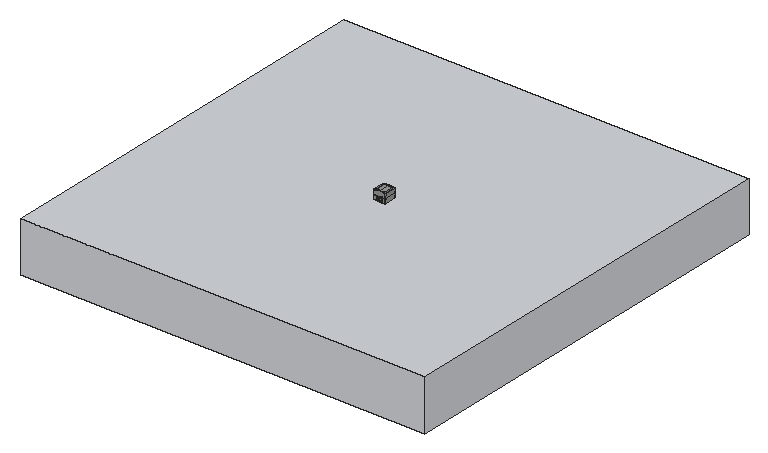
Revit family "Hekatron_Feststellanlagen_HAT 03_DE_22.01", category Brandmelder, Revit 2018
Family settings
  Basisbauteil = Fläche
  Beschriftungsausrichtung beibehalten = Ja
  Bemaßung runder Anschluss = Durchmesser verwenden
  Teiletyp = Normal
  OmniClass-Nummer = 23.85.30.21
  OmniClass-Titel = Environmental Detection/Registration
  Beim Laden mit Abzugskörper schneiden = Nein
  Gemeinsam genutzt = Nein
  Raumberechnungspunkt = Nein
Parameters (values of type "HAT 03")
  Zulässige Umgebungstemperatur = ""
  Zulässige Luftgeschwindigkeit = ""
  Zulassungen nach EN 54 = ""
  Width [instance] = 75 mm
  Version des BIM Objektes = "22.01"
  VdS-Anerkennung = ""
  URL = "https://www.hekatron-brandschutz.de"
  UB A&S Artikel Nummer = "6500142"
  Typenkommentare = "Handauslösetaster für Feuchträume"
  Tiefe (mm) = "65.0"
  Stromaufnahme = ""
  Schutzart = "IP 44"
  Rauchteil einstellbar = ""
  Nettogewicht (g) = ""
  Montageart = "Aufputz"
  Modell = "HAT 03"
  Material = "Polycarbonat"
  Link zum Datenblatt = ""
  Link zu ausschreiben.de = "http://www.ausschreiben.de/katalog/Hekatron/position/93"
  Link zu Produktinformation = "https://www.hekatron-planungstools.de/Produktinfo/HAT_03.PDF"
  Link zu Ausschreibungstext = "https://www.hekatron-planungstools.de/LVTexte/HAT_03.pdf"
  Leistungserklärung (DoP) = ""
  Lautstärke DIN-Ton (dB) = ""
  Kabeleinführung = "oben, unten, hinten"
  Höhe (mm) = "81.0"
  Hersteller = "Hekatron"
  Heigth [instance] = 75 mm
  Funktionsprinzip = ""
  Farbe = "Gehäuse grau ähnlich RAL 7035,\nTaster rot ähnlich RAL 3000"
  Ex-Zonen = ""
  Einstellung Temperaturklasse nach EN 54-5 = ""
  Einstellung Temperaturindex nach EN 54-5 = ""
  Einstellung Rauchempfindlichkeit nach EN 54-20 = ""
  Einstellen Rauchempfindlichkeit nach EN 54-7 = ""
  EG-Konformitätszertifikat / Zertifikat der Leistungsbeständigkeit = ""
  Durchmesser (mm) = ""
  Depth [instance] = 58.767 mm
  Vorgabe-Ansicht = 1200 mm
  Breite (mm) = "49.0"
  Betriebsspannung = ""
  Beschreibung = "Handauslösetaster zur Montage in feuchten Räumen, zum manuellen Auslösen von Feststellvorrichtungen gemäß den DIBt-Richtlinien."
  Bauartgenehmigungen = ""
  Anzahl Ansaugleitungen = ""
  Ansprechtemperatur = ""
  Alarm- & Empfindlichkeitsbereich = ""
Reference planes
  plane 1 "Center (Front/Back)": y = 0
  plane 2: z = 0
  plane 3 "Center (Left/Right)": x = 0
Forms (mm)
  Extrusion 1, solid
    sketch origin (0, 0, 0) x (1, 0, 0) y (0, 1, 0)
      loop
        line (-1219.2, 1219.2) -> (-1219.2, -1219.2) -> (1219.2, -1219.2) -> (1219.2, 1219.2) -> (-1219.2, 1219.2)
    from 0 to -304.8
  Blend 2, solid, material "PC/ABS Plastic, RAL 7035"
    base sketch origin (0, 0, 0) x (1, 0, 0) y (0, 1, 0)
      loop
        line (33.5, 37.5) -> (-33.5, 37.5)
        arc (-33.5, 37.5) -> (-36.328, 36.328) -> (-37.5, 33.5) r 4
        line (-37.5, 33.5) -> (-37.5, -33.5)
        arc (-37.5, -33.5) -> (-36.328, -36.328) -> (-33.5, -37.5) r 4
        line (-33.5, -37.5) -> (33.5, -37.5)
        arc (33.5, -37.5) -> (36.328, -36.328) -> (37.5, -33.5) r 4
        line (37.5, -33.5) -> (37.5, 33.5)
        arc (37.5, 33.5) -> (36.328, 36.328) -> (33.5, 37.5) r 4
    top sketch origin (0, 0, 0) x (1, 0, 0) y (0, 1, 0)
      loop
        line (-37, 33.5) -> (-37, -33.5)
        arc (-37, -33.5) -> (-35.975, -35.975) -> (-33.5, -37) r 3.5
        line (-33.5, -37) -> (33.5, -37)
        arc (33.5, -37) -> (35.975, -35.975) -> (37, -33.5) r 3.5
        line (37, -33.5) -> (37, 33.5)
        arc (37, 33.5) -> (35.975, 35.975) -> (33.5, 37) r 3.5
        line (33.5, 37) -> (-33.5, 37)
        arc (-33.5, 37) -> (-35.975, 35.975) -> (-37, 33.5) r 3.5
    from 27.5 to 1.5
  Extrusion 3, solid, material "PC/ABS Plastic, RAL 7035"
    sketch origin (0, 0, 0) x (1, 0, 0) y (0, 1, 0)
      loop
        arc (-33.5, 37.5) -> (-36.328, 36.328) -> (-37.5, 33.5) r 4
        line (-37.5, 33.5) -> (-37.5, -33.5)
        arc (-37.5, -33.5) -> (-36.328, -36.328) -> (-33.5, -37.5) r 4
        line (-33.5, -37.5) -> (33.5, -37.5)
        arc (33.5, -37.5) -> (36.328, -36.328) -> (37.5, -33.5) r 4
        line (37.5, -33.5) -> (37.5, 33.5)
        arc (37.5, 33.5) -> (36.328, 36.328) -> (33.5, 37.5) r 4
        line (33.5, 37.5) -> (-33.5, 37.5)
    from 28.5 to 60.15
  Extrusion 4, void
    sketch origin (0, 0, 0) x (1, 0, 0) y (0, 0, 1)
      loop
        arc (-37.5, 51.682) -> (-18.874, 54.917) -> (0, 56) r 165
        arc (0, 56) -> (18.874, 54.917) -> (37.5, 51.682) r 165
        line (37.5, 51.682) -> (37.5, 67.963) -> (-37.5, 67.963) -> (-37.5, 51.682)
    from -48.187 to 49.483
  Extrusion 5, solid, material "PC/ABS Plastic, RAL 7035"
    sketch origin (0, 0, 0) x (1, 0, 0) y (0, 1, 0)
      loop
        arc (-33.5, 36.7) -> (-35.763, 35.763) -> (-36.7, 33.5) r 3.2
        line (-36.7, 33.5) -> (-36.7, -33.5)
        arc (-36.7, -33.5) -> (-35.763, -35.763) -> (-33.5, -36.7) r 3.2
        line (-33.5, -36.7) -> (33.5, -36.7)
        arc (33.5, -36.7) -> (35.763, -35.763) -> (36.7, -33.5) r 3.2
        line (36.7, -33.5) -> (36.7, 33.5)
        arc (36.7, 33.5) -> (35.763, 35.763) -> (33.5, 36.7) r 3.2
        line (33.5, 36.7) -> (-33.5, 36.7)
    from 27.5 to 28.5
  Extrusion 6, void
    sketch origin (0, 0, 0) x (1, 0, 0) y (0, 1, 0)
      loop
        arc (-24.5, 28) -> (-26.975, 26.975) -> (-28, 24.5) r 3.5
        line (-28, 24.5) -> (-28, 0) -> (-28, -24.5)
        arc (-28, -24.5) -> (-26.975, -26.975) -> (-24.5, -28) r 3.5
        line (-24.5, -28) -> (0, -28) -> (24.5, -28)
        arc (24.5, -28) -> (26.975, -26.975) -> (28, -24.5) r 3.5
        line (28, -24.5) -> (28, 0) -> (28, 24.5)
        arc (28, 24.5) -> (26.975, 26.975) -> (24.5, 28) r 3.5
        line (24.5, 28) -> (0, 28) -> (-24.5, 28)
    from 49.633 to 64.192
  Extrusion 7, solid, material "PC/ABS Plastic, Red"
    sketch origin (0, 1.915, -0.308) x (1, 0, 0) y (0, 0.999239, 0.039002)
      loop
        line (0, 27.2) -> (-24.687, 27.2)
        arc (-24.687, 27.2) -> (-26.596, 26.409) -> (-27.387, 24.5) r 2.7
        line (-27.387, 24.5) -> (-27.387, 0) -> (-27.387, -24.5)
        arc (-27.387, -24.5) -> (-26.596, -26.409) -> (-24.687, -27.2) r 2.7
        line (-24.687, -27.2) -> (0, -27.2) -> (24.686, -27.2)
        arc (24.686, -27.2) -> (26.595, -26.409) -> (27.386, -24.5) r 2.7
        line (27.386, -24.5) -> (27.386, 0) -> (27.386, 24.5)
        arc (27.386, 24.5) -> (26.595, 26.409) -> (24.686, 27.2) r 2.7
        line (24.686, 27.2) -> (0, 27.2)
    from 46.866 to 59.413
  Extrusion 8, void
    sketch origin (0, 1.915, -0.308) x (1, 0, 0) y (0, -0.039002, 0.999239)
      loop
        arc (-28.674, 55.547) -> (-14.392, 57.429) -> (0, 58.058) r 165
        arc (0, 58.058) -> (14.392, 57.429) -> (28.674, 55.547) r 165
        line (28.674, 55.547) -> (28.674, 60.574) -> (0, 60.574) -> (-28.674, 60.574) -> (-28.674, 55.547)
    from -31.012 to 31.438
  Extrusion 9, solid, material "PC/ABS Plastic, RAL 7035"
    sketch origin (0, 0, 0) x (1, 0, 0) y (0, 0, 1)
      loop
        line (-12, 5.221) -> (12, 5.221)
        arc (12, 5.221) -> (14.121, 6.1) -> (15, 8.221) r 3
        line (15, 8.221) -> (15, 28.221) -> (-15, 28.221) -> (-15, 8.221)
        arc (-15, 8.221) -> (-14.121, 6.1) -> (-12, 5.221) r 3
    from 36.159 to 38.9
  Revolve 10, solid, material "PC/ABS Plastic, RAL 7035"
    sketch origin (0, 0, 0) x (0, 1, 0) y (0, 0, 1)
      loop
        line (-38.9, 26.393) -> (-41.308, 22.221) -> (-42.393, 22.221)
        arc (-42.393, 22.221) -> (-42.751, 22.072) -> (-42.9, 21.714) r 0.507
        line (-42.9, 21.714) -> (-42.9, 18.221) -> (-41.308, 18.221) -> (-38.9, 18.221) -> (-38.9, 26.393)
      axis (-42.9, 18.221) -> (-38.9, 18.221)
    angle from 0 to 360
  Extrusion 11, solid, material "PC/ABS Plastic, RAL 7035"
    sketch origin (0, 0, 0) x (1, 0, 0) y (0, 0, -1)
      loop
        arc (-12, -5.221) -> (-14.121, -6.1) -> (-15, -8.221) r 3
        line (-15, -8.221) -> (-15, -28.221) -> (15, -28.221) -> (15, -8.221)
        arc (15, -8.221) -> (14.121, -6.1) -> (12, -5.221) r 3
        line (12, -5.221) -> (-12, -5.221)
    from 36.159 to 38.9
  Revolve 12, solid, material "PC/ABS Plastic, RAL 7035"
    sketch origin (0, 0, 0) x (0, -1, 0) y (0, 0, 1)
      loop
        line (-38.9, 26.393) -> (-41.308, 22.221) -> (-42.393, 22.221)
        arc (-42.393, 22.221) -> (-42.751, 22.072) -> (-42.9, 21.714) r 0.507
        line (-42.9, 21.714) -> (-41.024, 21.714) -> (-38.9, 25.393) -> (-38.9, 26.393)
      axis (-42.9, 18.221) -> (-38.9, 18.221)
    angle from 0 to 360
  Extrusion 13, void
    sketch origin (0, 0, 0) x (1, 0, 0) y (0, 1, 0)
      loop
        line (-34.334, 22.479) -> (-26.97, 22.479)
        arc (-26.97, 22.479) -> (-23.794, 23.794) -> (-22.479, 26.97) r 4.492
        line (-22.479, 26.97) -> (-22.479, 34.334) -> (-32.64, 34.334)
        arc (-32.64, 34.334) -> (-33.837, 33.837) -> (-34.334, 32.64) r 1.694
        line (-34.334, 32.64) -> (-34.334, 22.479)
      loop
        line (34.334, 22.479) -> (34.334, 32.64)
        arc (34.334, 32.64) -> (33.837, 33.837) -> (32.64, 34.334) r 1.694
        line (32.64, 34.334) -> (22.479, 34.334) -> (22.479, 26.97)
        arc (22.479, 26.97) -> (23.794, 23.794) -> (26.97, 22.479) r 4.492
        line (26.97, 22.479) -> (34.334, 22.479)
      loop
        line (-34.334, -22.479) -> (-34.334, -32.64)
        arc (-34.334, -32.64) -> (-33.837, -33.837) -> (-32.64, -34.334) r 1.694
        line (-32.64, -34.334) -> (-22.479, -34.334) -> (-22.479, -26.97)
        arc (-22.479, -26.97) -> (-23.794, -23.794) -> (-26.97, -22.479) r 4.492
        line (-26.97, -22.479) -> (-34.334, -22.479)
      loop
        line (34.334, -22.479) -> (26.97, -22.479)
        arc (26.97, -22.479) -> (23.794, -23.794) -> (22.479, -26.97) r 4.492
        line (22.479, -26.97) -> (22.479, -34.334) -> (32.64, -34.334)
        arc (32.64, -34.334) -> (33.837, -33.837) -> (34.334, -32.64) r 1.694
        line (34.334, -32.64) -> (34.334, -22.479)
    from 0 to 5
  Extrusion 14, solid, material "PC/ABS Plastic, RAL 7035"
    sketch origin (0, 0, 0) x (1, 0, 0) y (0, 1, 0)
      loop
        arc (-24.288, 26.763) -> (-24.288, 31.712) -> (-29.237, 31.712) r 3.5
        line (-29.237, 31.712) -> (-31.712, 29.237)
        arc (-31.712, 29.237) -> (-31.712, 24.288) -> (-26.763, 24.288) r 3.5
        line (-26.763, 24.288) -> (-24.288, 26.763)
      loop
        arc (-30.828, 28.354) -> (-30.828, 25.172) -> (-27.646, 25.172) r 2.25
        line (-27.646, 25.172) -> (-25.172, 27.646)
        arc (-25.172, 27.646) -> (-25.172, 30.828) -> (-28.354, 30.828) r 2.25
        line (-28.354, 30.828) -> (-30.828, 28.354)
      loop
        line (24.5, 29.75) -> (24.5, 26.25)
        arc (24.5, 26.25) -> (28, 22.75) -> (31.5, 26.25) r 3.5
        line (31.5, 26.25) -> (31.5, 29.75)
        arc (31.5, 29.75) -> (28, 33.25) -> (24.5, 29.75) r 3.5
      loop
        line (30.25, 26.25) -> (30.25, 29.75)
        arc (30.25, 29.75) -> (28, 32) -> (25.75, 29.75) r 2.25
        line (25.75, 29.75) -> (25.75, 26.25)
        arc (25.75, 26.25) -> (28, 24) -> (30.25, 26.25) r 2.25
      loop
        line (-26.25, -24.5) -> (-29.75, -24.5)
        arc (-29.75, -24.5) -> (-33.25, -28) -> (-29.75, -31.5) r 3.5
        line (-29.75, -31.5) -> (-26.25, -31.5)
        arc (-26.25, -31.5) -> (-22.75, -28) -> (-26.25, -24.5) r 3.5
      loop
        line (-29.75, -30.25) -> (-26.25, -30.25)
        arc (-26.25, -30.25) -> (-24, -28) -> (-26.25, -25.75) r 2.25
        line (-26.25, -25.75) -> (-29.75, -25.75)
        arc (-29.75, -25.75) -> (-32, -28) -> (-29.75, -30.25) r 2.25
      loop
        arc (24.288, -26.763) -> (24.288, -31.712) -> (29.237, -31.712) r 3.5
        line (29.237, -31.712) -> (31.712, -29.237)
        arc (31.712, -29.237) -> (31.712, -24.288) -> (26.763, -24.288) r 3.5
        line (26.763, -24.288) -> (24.288, -26.763)
      loop
        arc (30.828, -28.354) -> (30.828, -25.172) -> (27.646, -25.172) r 2.25
        line (27.646, -25.172) -> (25.172, -27.646)
        arc (25.172, -27.646) -> (25.172, -30.828) -> (28.354, -30.828) r 2.25
        line (28.354, -30.828) -> (30.828, -28.354)
    from 0 to 5
  Extrusion 15, void
    sketch origin (0, 0, 0) x (0, 1, 0) y (0, 0, 1)
      loop
        line (-35.4, 5) -> (-37.846, 5) -> (-37.846, 0.804) -> (-28.6, 0.804) -> (-28.6, 2.7) -> (-34.9, 2.7)
        arc (-34.9, 2.7) -> (-35.254, 2.846) -> (-35.4, 3.2) r 0.5
        line (-35.4, 3.2) -> (-35.4, 5)
    from 20.75 to 16.7
  Extrusion 16, void
    sketch origin (0, 0, 0) x (0, -1, 0) y (0, 0, 1)
      loop
        line (-35.4, 5) -> (-37.846, 5) -> (-37.846, 0.804) -> (-28.6, 0.804) -> (-28.6, 2.7) -> (-34.9, 2.7)
        arc (-34.9, 2.7) -> (-35.254, 2.846) -> (-35.4, 3.2) r 0.5
        line (-35.4, 3.2) -> (-35.4, 5)
    from 20.75 to 16.7
Cuts and joins
  Extrusion 4, Extrusion 6 cuts Extrusion 3
  Extrusion 8 cuts Extrusion 7
  Extrusion 13, Extrusion 15, Extrusion 16 cuts Blend 2
  joined: Blend 2, Extrusion 9, Revolve 10, Extrusion 11, Revolve 12
Dimensions and locks
  "Depth": cut or joined group of Extrusion 7, Extrusion 8 to Extrusion 1
  "Width": cut or joined group of Extrusion 3, Extrusion 4, Extrusion 6 to cut or joined group of Extrusion 3, Extrusion 4, Extrusion 6
  "Heigth": cut or joined group of Extrusion 3, Extrusion 4, Extrusion 6 to cut or joined group of Extrusion 3, Extrusion 4, Extrusion 6
  aligned and locked: plane 2 to Extrusion 1
  aligned and locked: level to Extrusion 1
Automatic sketch dimensions
  Extrusion 1 sketch curve to Extrusion 1 sketch curve = 2438.4 mm  (x2)
  Blend 2 sketch curve to plane 3 "Center (Left/Right)" = 37.5 mm
  Blend 2 sketch curve to Blend 2 sketch curve = 4 mm  (x3)
  plane 3 "Center (Left/Right)" to Blend 2 sketch curve = 33.5 mm  (x4)
  plane 1 "Center (Front/Back)" to Blend 2 sketch curve = 37.5 mm
  Blend 2 sketch curve to plane 1 "Center (Front/Back)" = 33.5 mm  (x2)
  Blend 2 sketch curve to plane 3 "Center (Left/Right)" = 37 mm
  Blend 2 sketch curve to Blend 2 sketch curve = 3.5 mm  (x3)
  plane 1 "Center (Front/Back)" to Blend 2 sketch curve = 37 mm
  Extrusion 3 sketch curve to plane 3 "Center (Left/Right)" = 37.5 mm
  Extrusion 3 sketch curve to Extrusion 3 sketch curve = 4 mm  (x3)
  plane 3 "Center (Left/Right)" to Extrusion 3 sketch curve = 33.5 mm  (x2)
  plane 1 "Center (Front/Back)" to Extrusion 3 sketch curve = 37.5 mm
  Extrusion 3 sketch curve to plane 1 "Center (Front/Back)" = 33.5 mm
  Extrusion 3 sketch curve to Extrusion 3 sketch curve = 0 mm
  Extrusion 4 sketch curve to Extrusion 4 sketch curve = 0 mm  (x2)
  Extrusion 4 sketch curve to plane 3 "Center (Left/Right)" = 0 mm
  Extrusion 4 sketch curve to plane 3 "Center (Left/Right)" = 37.5 mm
  plane 3 "Center (Left/Right)" to Extrusion 4 sketch curve = 37.5 mm
  Extrusion 4 sketch curve to level = 109 mm
  level to Extrusion 4 sketch curve = 51.682 mm
  Extrusion 4 sketch curve to Extrusion 4 sketch curve = 16.281 mm
  Extrusion 5 sketch curve to plane 3 "Center (Left/Right)" = 36.7 mm
  Extrusion 5 sketch curve to Extrusion 5 sketch curve = 3.2 mm  (x3)
  plane 3 "Center (Left/Right)" to Extrusion 5 sketch curve = 33.5 mm  (x2)
  plane 1 "Center (Front/Back)" to Extrusion 5 sketch curve = 36.7 mm
  Extrusion 5 sketch curve to plane 1 "Center (Front/Back)" = 33.5 mm
  plane 1 "Center (Front/Back)" to Extrusion 6 sketch curve = 0 mm  (x2)
  Extrusion 6 sketch curve to plane 3 "Center (Left/Right)" = 0 mm  (x2)
  Extrusion 6 sketch curve to plane 3 "Center (Left/Right)" = 24.5 mm
  Extrusion 6 sketch curve to Extrusion 6 sketch curve = 24.5 mm  (x2)
  Extrusion 6 sketch curve to Extrusion 6 sketch curve = 3.5 mm  (x2)
  plane 3 "Center (Left/Right)" to Extrusion 6 sketch curve = 24.5 mm  (x2)
  plane 1 "Center (Front/Back)" to Extrusion 6 sketch curve = 24.5 mm
  Extrusion 7 sketch curve to plane 3 "Center (Left/Right)" = 0 mm  (x2)
  Extrusion 7 sketch curve to Extrusion 7 sketch curve = 24.687 mm  (x2)
  Extrusion 7 sketch curve to Extrusion 7 sketch curve = 2.7 mm  (x2)
  plane 3 "Center (Left/Right)" to Extrusion 7 sketch curve = 24.686 mm  (x2)
  Extrusion 7 sketch curve to Extrusion 7 sketch curve = 24.5 mm  (x3)
  Extrusion 8 sketch curve to Extrusion 8 sketch curve = 0 mm  (x2)
  Extrusion 8 sketch curve to plane 3 "Center (Left/Right)" = 0 mm  (x2)
  Extrusion 8 sketch curve to plane 3 "Center (Left/Right)" = 28.674 mm
  plane 3 "Center (Left/Right)" to Extrusion 8 sketch curve = 28.674 mm
  Extrusion 8 sketch curve to Extrusion 8 sketch curve = 162.489 mm
  Extrusion 8 sketch curve to Extrusion 8 sketch curve = 5.027 mm
  Extrusion 9 sketch curve to plane 3 "Center (Left/Right)" = 15 mm
  Extrusion 9 sketch curve to Extrusion 9 sketch curve = 3 mm  (x2)
  level to Extrusion 9 sketch curve = 5.221 mm
  plane 3 "Center (Left/Right)" to Extrusion 9 sketch curve = 12 mm
  Extrusion 9 sketch curve to Extrusion 9 sketch curve = 20 mm
  plane 1 "Center (Front/Back)" to Revolve 10 sketch curve = 42.9 mm
  Revolve 10 sketch curve to Revolve 10 sketch curve = 0.507 mm
  Revolve 10 sketch curve to Revolve 10 sketch curve = 1.084 mm
  Revolve 10 sketch curve to Revolve 10 sketch curve = 1.592 mm
  Revolve 10 sketch curve to Revolve 10 sketch curve = 2.408 mm
  level to Revolve 10 sketch curve = 18.221 mm
  Revolve 10 sketch curve to Revolve 10 sketch curve = 3.493 mm
  Revolve 10 sketch curve to Revolve 10 sketch curve = 4.172 mm
  Revolve 10 sketch curve to Revolve 10 sketch curve = 0 mm  (x3)
  Extrusion 11 sketch curve to plane 3 "Center (Left/Right)" = 15 mm
  Extrusion 11 sketch curve to Extrusion 11 sketch curve = 3 mm  (x2)
  level to Extrusion 11 sketch curve = 5.221 mm
  plane 3 "Center (Left/Right)" to Extrusion 11 sketch curve = 12 mm
  Extrusion 11 sketch curve to Extrusion 11 sketch curve = 20 mm
  plane 1 "Center (Front/Back)" to Revolve 12 sketch curve = 42.9 mm
  Revolve 12 sketch curve to Revolve 12 sketch curve = 0.507 mm
  Revolve 12 sketch curve to Revolve 12 sketch curve = 1.084 mm
  Revolve 12 sketch curve to Revolve 12 sketch curve = 0.284 mm  (x2)
  Revolve 12 sketch curve to Revolve 12 sketch curve = 2.408 mm  (x2)
  Revolve 12 sketch curve to level = 21.714 mm
  Revolve 12 sketch curve to Revolve 12 sketch curve = 3.172 mm
  Revolve 12 sketch curve to Revolve 12 sketch curve = 1 mm
  Revolve 12 sketch curve to Revolve 12 sketch curve = 3.493 mm
  Extrusion 13 sketch curve to plane 3 "Center (Left/Right)" = 34.334 mm  (x2)
  Extrusion 13 sketch curve to Extrusion 13 sketch curve = 1.694 mm  (x2)
  Extrusion 13 sketch curve to Extrusion 13 sketch curve = 5.669 mm  (x7)
  Extrusion 13 sketch curve to Extrusion 13 sketch curve = 7.363 mm  (x3)
  Extrusion 13 sketch curve to Extrusion 13 sketch curve = 4.492 mm  (x4)
  plane 3 "Center (Left/Right)" to Extrusion 13 sketch curve = 22.479 mm  (x2)
  plane 1 "Center (Front/Back)" to Extrusion 13 sketch curve = 34.334 mm  (x2)
  Extrusion 13 sketch curve to plane 1 "Center (Front/Back)" = 22.479 mm  (x2)
  Extrusion 14 sketch curve to Extrusion 14 sketch curve = 0 mm  (x23)
  Extrusion 14 sketch curve to plane 3 "Center (Left/Right)" = 31.712 mm
  Extrusion 14 sketch curve to Extrusion 14 sketch curve = 0.884 mm  (x12)
  Extrusion 14 sketch curve to plane 3 "Center (Left/Right)" = 29.75 mm
  Extrusion 14 sketch curve to Extrusion 14 sketch curve = 1.591 mm  (x12)
  Extrusion 14 sketch curve to Extrusion 14 sketch curve = 2.475 mm  (x4)
  Extrusion 14 sketch curve to Extrusion 14 sketch curve = 3.5 mm  (x2)
  plane 3 "Center (Left/Right)" to Extrusion 14 sketch curve = 24.288 mm
  plane 3 "Center (Left/Right)" to Extrusion 14 sketch curve = 24.5 mm
  Extrusion 14 sketch curve to Extrusion 14 sketch curve = 1.25 mm  (x2)
  Extrusion 14 sketch curve to Extrusion 14 sketch curve = 2.25 mm  (x2)
  plane 1 "Center (Front/Back)" to Extrusion 14 sketch curve = 31.712 mm
  plane 1 "Center (Front/Back)" to Extrusion 14 sketch curve = 31.5 mm
  Extrusion 14 sketch curve to plane 1 "Center (Front/Back)" = 24.288 mm
  Extrusion 14 sketch curve to plane 1 "Center (Front/Back)" = 26.25 mm
  level to Extrusion 15 sketch curve = 5 mm
  plane 1 "Center (Front/Back)" to Extrusion 15 sketch curve = 37.846 mm
  Extrusion 15 sketch curve to Extrusion 15 sketch curve = 2.446 mm
  Extrusion 15 sketch curve to Extrusion 15 sketch curve = 0.5 mm
  level to Extrusion 15 sketch curve = 0.804 mm
  Extrusion 15 sketch curve to Extrusion 15 sketch curve = 6.3 mm
  Extrusion 15 sketch curve to Extrusion 15 sketch curve = 1.896 mm
  level to Extrusion 16 sketch curve = 5 mm
  Extrusion 16 sketch curve to plane 1 "Center (Front/Back)" = 37.846 mm
  Extrusion 16 sketch curve to Extrusion 16 sketch curve = 2.446 mm
  Extrusion 16 sketch curve to Extrusion 16 sketch curve = 0.5 mm
  level to Extrusion 16 sketch curve = 0.804 mm
  Extrusion 16 sketch curve to Extrusion 16 sketch curve = 6.3 mm
  Extrusion 16 sketch curve to Extrusion 16 sketch curve = 1.896 mm
Connectors
  electrical at (0, 0, 0)
    settings: index 1, voltage 0 V, apparent load 0 VA, apparent load phase1 0 VA, apparent load phase2 0 VA, apparent load phase3 0 VA, power factor 1, load classification "Other", number of poles 1, system type 11, power factor state 1, is connector primary yes, connector utility no, sub classification motor no, connector description ""
